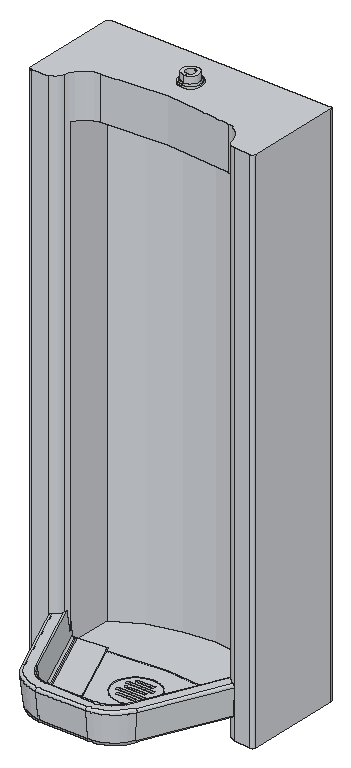
Revit family "PLBG_Urinal_Floor Mounted", category Plumbing Fixtures, Revit 2024
Family settings
  Round Connector Dimension = Use Diameter
  Part Type = Normal
  OmniClass Number = 23.45.05.21.11.21
  OmniClass Title = Urinals
  Work Plane-Based = No
  Enable Cutting in Views = No
  Always vertical = Yes
  Cut with Voids When Loaded = No
  Maintain Annotation Orientation = No
  Shared = No
  Room Calculation Point = No
Parameters (values of type "Urinal - Floor Mounted")
  Plan Shadow Mode = yes
  EA_Repath [instance] = 0 mm
  Default Elevation = 0 mm
  Default Porcelain [instance] = none
  Default Chrome [instance] = none
Reference planes
  plane 1 "Center (Front/Back)": y = 0
  plane 2: z = 0
  plane 3 "Center (Left/Right)": x = 0
Forms (mm)
  Extrusion 1, solid, material <- "Default Porcelain", visible <- "Plan Shadow Mode"
    sketch origin (0, 0, 0) x (1, 0, 0) y (0, 1, 0)
      loop
        line (-228.6, -6.35) -> (-228.6, -196.31)
        arc (-228.6, -196.31) -> (-226.558, -200.976) -> (-221.744, -202.64) r 6.35
        line (-221.744, -202.64) -> (-188.949, -199.962)
        arc (-188.949, -199.962) -> (-177.87, -195.236) -> (-171.84, -184.809) r 19.05
        arc (-171.84, -184.809) -> (-157.266, -158.394) -> (-130.281, -144.901) r 50.8
        arc (-130.281, -144.901) -> (-0.11, -134.24) -> (130.087, -144.565) r 812.8
        arc (130.087, -144.565) -> (157.239, -158.114) -> (171.822, -184.724) r 50.8
        arc (171.822, -184.724) -> (177.837, -195.207) -> (188.949, -199.962) r 19.05
        line (188.949, -199.962) -> (221.731, -202.639)
        arc (221.731, -202.639) -> (226.553, -200.98) -> (228.6, -196.31) r 6.35
        line (228.6, -196.31) -> (228.6, -6.35)
        arc (228.6, -6.35) -> (226.74, -1.86) -> (222.25, 0) r 6.35
        line (222.25, 0) -> (-222.25, 0)
        arc (-222.25, 0) -> (-226.74, -1.86) -> (-228.6, -6.35) r 6.35
    from 0 to 1079.5
  Extrusion 2, void
    sketch origin (0, 0, 0) x (1, 0, 0) y (0, 1, 0)
      loop
        line (-178.648, -66.796) -> (-178.648, -167.901) -> (-166.377, -173.787)
        arc (-166.377, -173.787) -> (-151.06, -155.617) -> (-129.156, -146.401) r 50.8
        arc (-129.156, -146.401) -> (-3.31, -135.828) -> (122.644, -145.017) r 806.979
        arc (122.644, -145.017) -> (148.645, -152.712) -> (166.225, -173.358) r 47.598
        line (166.225, -173.358) -> (178.648, -166.186) -> (178.648, -66.796)
        arc (178.648, -66.796) -> (0, -12.7) -> (-178.648, -66.796) r 322.033
    from 31.426 to 990.6
  Sweep 3, solid, material <- "Default Porcelain", visible <- "Plan Shadow Mode"
    path origin (0, 0, 0) x (1, 0, 0) y (0, 1, 0)
      loop
        line (-199.368, -176.516) -> (-117.882, -359.216)
        arc (-117.882, -359.216) -> (-90.782, -392.223) -> (-50.496, -406.4) r 79.344
        line (-50.496, -406.4) -> (50.496, -406.4)
        arc (50.496, -406.4) -> (90.784, -392.221) -> (117.884, -359.211) r 79.344
        line (117.884, -359.211) -> (197.231, -179.061)
    profile origin (0, -406.4, 0) x (0, 1, 0) y (0, 0, 1)
      loop
        line (10.689, 37.087) -> (36.97, 30.575) -> (36.97, 44.024) -> (34.372, 44.926)
        arc (34.372, 44.926) -> (31.693, 46.934) -> (30.674, 50.123) r 5.502
        line (30.674, 50.123) -> (25.748, 99.39)
        arc (25.748, 99.39) -> (24.792, 100.976) -> (23.048, 101.599) r 2.754
        line (23.048, 101.599) -> (5.147, 101.599)
        arc (5.147, 101.599) -> (1.695, 99.993) -> (0.523, 96.37) r 4.763
        line (0.523, 96.37) -> (5.898, 42.618)
        arc (5.898, 42.618) -> (7.417, 39.093) -> (10.689, 37.087) r 6.35
  Sweep 4, solid, visible <- "Plan Shadow Mode"
    path origin (0, 0, 0) x (1, 0, 0) y (0, 1, 0)
      loop
        line (-162.025, -150.812) -> (-84.542, -324.842)
        arc (-84.542, -324.842) -> (-71.554, -341.769) -> (-52.297, -350.954) r 45.697
        arc (-52.297, -350.954) -> (-30.315, -354.435) -> (-8.09, -355.6) r 212.622
        line (-8.09, -355.6) -> (8.085, -355.6)
        arc (8.085, -355.6) -> (30.232, -354.371) -> (52.107, -350.698) r 200.117
        arc (52.107, -350.698) -> (71.292, -341.492) -> (84.542, -324.842) r 47.561
        line (84.542, -324.842) -> (162.025, -150.812)
    profile origin (-0.002, -355.6, 0) x (0, 1, 0) y (0, 0, 1)
      loop
        line (-17.265, 31.426) -> (43.28, 17.448) -> (43.28, 30.81) -> (-17.265, 44.788) -> (-17.265, 31.426)
  Extrusion 5, solid
    sketch origin (0, 0, 0) x (1, 0, 0) y (0, 1, 0)
      loop
        arc (-45.003, -307.239) -> (-44.317, -308.134) -> (-43.298, -308.619) r 2.416
        arc (-43.298, -308.619) -> (-25.791, -311.392) -> (-8.09, -312.32) r 169.341
        line (-8.09, -312.32) -> (8.085, -312.32)
        arc (8.085, -312.32) -> (25.443, -311.356) -> (42.586, -308.478) r 156.837
        arc (42.586, -308.478) -> (44.204, -307.734) -> (45.378, -306.396) r 4.281
        line (45.378, -306.396) -> (118.239, -142.748)
        arc (118.239, -142.748) -> (0.048, -134.24) -> (-118.124, -143.007) r 812.8
        line (-118.124, -143.007) -> (-45.003, -307.239)
    from 17.462 to 31.75
  Extrusion 6, solid, material <- "Default Porcelain"
    sketch origin (0, 0, 0) x (1, 0, 0) y (0, 1, 0)
      loop
        arc (118.239, -142.748) -> (0.048, -134.24) -> (-118.124, -143.007) r 812.8
        line (-118.124, -143.007) -> (-45.003, -307.239)
        arc (-45.003, -307.239) -> (-44.317, -308.134) -> (-43.298, -308.619) r 2.416
        arc (-43.298, -308.619) -> (-25.791, -311.392) -> (-8.09, -312.32) r 169.341
        line (-8.09, -312.32) -> (8.085, -312.32)
        arc (8.085, -312.32) -> (25.443, -311.356) -> (42.586, -308.478) r 156.837
        arc (42.586, -308.478) -> (44.204, -307.734) -> (45.378, -306.396) r 4.281
        line (45.378, -306.396) -> (118.239, -142.748)
    from 0 to 17.448
  Extrusion 7, void
    sketch origin (0, 0, 0) x (1, 0, 0) y (0, 1, 0)
      loop
        circle (0, -215.9) r 44.45
    from 0 to 50.123
  Extrusion 8, solid, material <- "Default Porcelain"
    sketch origin (0, 0, 31.75) x (1, 0, 0) y (0, 1, 0)
      loop
        circle (0, -215.9) r 44.45
      loop
        line (-19.05, -219.075) -> (0, -219.075) -> (19.05, -219.075)
        arc (19.05, -219.075) -> (22.225, -215.9) -> (19.05, -212.725) r 3.175
        line (19.05, -212.725) -> (0, -212.725) -> (-19.05, -212.725)
        arc (-19.05, -212.725) -> (-22.225, -215.9) -> (-19.05, -219.075) r 3.175
      loop
        line (-25.4, -206.375) -> (0, -206.375) -> (25.4, -206.375)
        arc (25.4, -206.375) -> (28.575, -203.2) -> (25.4, -200.025) r 3.175
        line (25.4, -200.025) -> (0, -200.025) -> (-25.4, -200.025)
        arc (-25.4, -200.025) -> (-28.575, -203.2) -> (-25.4, -206.375) r 3.175
      loop
        line (-15.912, -193.675) -> (0, -193.675) -> (15.912, -193.675)
        arc (15.912, -193.675) -> (19.087, -190.5) -> (15.912, -187.325) r 3.175
        line (15.912, -187.325) -> (0, -187.325) -> (-15.912, -187.325)
        arc (-15.912, -187.325) -> (-19.087, -190.5) -> (-15.912, -193.675) r 3.175
      loop
        arc (-25.4, -225.425) -> (-28.575, -228.6) -> (-25.4, -231.775) r 3.175
        line (-25.4, -231.775) -> (0, -231.775) -> (25.4, -231.775)
        arc (25.4, -231.775) -> (28.575, -228.6) -> (25.4, -225.425) r 3.175
        line (25.4, -225.425) -> (0, -225.425) -> (-25.4, -225.425)
      loop
        arc (-15.912, -238.125) -> (-19.087, -241.3) -> (-15.912, -244.475) r 3.175
        line (-15.912, -244.475) -> (0, -244.475) -> (15.912, -244.475)
        arc (15.912, -244.475) -> (19.087, -241.3) -> (15.912, -238.125) r 3.175
        line (15.912, -238.125) -> (0, -238.125) -> (-15.912, -238.125)
    from -3.175 to 0
  Revolve 9, solid, material <- "Default Chrome"
    sketch origin (0, 0, 0) x (0, 1, 0) y (0, 0, 1)
      loop
        line (-85.789, 1098.55) -> (-92.932, 1098.55) -> (-92.932, 1085.85) -> (-95.25, 1085.85) -> (-95.25, 1082.675) -> (-98.425, 1082.675) -> (-98.425, 1079.5) -> (-85.789, 1079.5) -> (-85.789, 1098.55)
      axis (-76.2, 1079.5) -> (-76.2, 1098.55)
    angle from 0 to 360
Cuts and joins
  Extrusion 2 cuts Extrusion 1
  Extrusion 7 cuts Extrusion 5
  Extrusion 7 cuts Extrusion 6
Lines and regions (mm)
  Masking region 1
    outline origin (0, 0, 0) x (1, 0, 0) y (0, 1, 0)
      loop
        line (222.25, 0) -> (-222.25, 0)
        arc (-222.25, 0) -> (-226.74, -1.86) -> (-228.6, -6.35) r 6.35
        line (-228.6, -6.35) -> (-228.6, -196.31)
        arc (-228.6, -196.31) -> (-226.558, -200.976) -> (-221.744, -202.64) r 6.35
        line (-221.744, -202.64) -> (-188.949, -199.962)
        arc (-188.949, -199.962) -> (-186.33, -199.563) -> (-183.791, -198.804) r 19.05
        line (-183.791, -198.804) -> (-113.177, -357.13)
        arc (-113.177, -357.13) -> (-87.902, -387.956) -> (-50.323, -401.253) r 74.196
        line (-50.323, -401.253) -> (50.323, -401.253)
        arc (50.323, -401.253) -> (87.9, -387.957) -> (113.174, -357.136) r 74.196
        line (113.174, -357.136) -> (183.043, -198.505)
        arc (183.043, -198.505) -> (185.938, -199.471) -> (188.949, -199.962) r 19.05
        line (188.949, -199.962) -> (221.731, -202.639)
        arc (221.731, -202.639) -> (226.553, -200.98) -> (228.6, -196.31) r 6.35
        line (228.6, -196.31) -> (228.6, -6.35)
        arc (228.6, -6.35) -> (226.74, -1.86) -> (222.25, 0) r 6.35
  Masking region 2
    outline origin (0, 0, 0) x (1, 0, 0) y (0, 0, 1)
      loop
        arc (-215.9, 1079.5) -> (-224.88, 1075.78) -> (-228.6, 1066.8) r 12.7
        line (-228.6, 1066.8) -> (-228.6, 12.7)
        arc (-228.6, 12.7) -> (-224.88, 3.72) -> (-215.9, 0) r 12.7
        line (-215.9, 0) -> (215.9, 0)
        arc (215.9, 0) -> (224.88, 3.72) -> (228.6, 12.7) r 12.7
        line (228.6, 12.7) -> (228.6, 1066.8)
        arc (228.6, 1066.8) -> (224.88, 1075.78) -> (215.9, 1079.5) r 12.7
        line (215.9, 1079.5) -> (-215.9, 1079.5)
  symbolic lines
    curve 1: line (222.25, 0, 0) -> (-222.25, 0, 0)
    curve 2: line (-228.6, -6.35, 0) -> (-228.6, -196.31, 0)
    curve 3: arc (-222.25, 0, 0) -> (-226.74, -1.86, 0) -> (-228.6, -6.35, 0) r 6.35
    curve 4: arc (-228.6, -196.31, 0) -> (-226.558, -200.976, 0) -> (-221.744, -202.64, 0) r 6.35
    curve 5: line (-221.744, -202.64, 0) -> (-188.949, -199.962, 0)
    curve 6: arc (-188.949, -199.962, 0) -> (-177.87, -195.236, 0) -> (-171.84, -184.809, 0) r 19.05
    curve 7: arc (-171.84, -184.809, 0) -> (-157.266, -158.394, 0) -> (-130.281, -144.901, 0) r 50.8
    curve 8: arc (-130.281, -144.901, 0) -> (-0.11, -134.24, 0) -> (130.087, -144.565, 0) r 812.8
    curve 9: arc (130.087, -144.565, 0) -> (157.239, -158.114, 0) -> (171.822, -184.724, 0) r 50.8
    curve 10: arc (171.822, -184.724, 0) -> (177.837, -195.207, 0) -> (188.949, -199.962, 0) r 19.05
    curve 11: line (188.949, -199.962, 0) -> (221.731, -202.639, 0)
    curve 12: arc (221.731, -202.639, 0) -> (226.553, -200.98, 0) -> (228.6, -196.31, 0) r 6.35
    curve 13: line (228.6, -196.31, 0) -> (228.6, -6.35, 0)
    curve 14: arc (228.6, -6.35, 0) -> (226.74, -1.86, 0) -> (222.25, 0, 0) r 6.35
    curve 15: arc (0, -53.975, 0) -> (22.225, -76.2, 0) -> (0, -98.425, 0) r 22.225
    curve 16: arc (0, -98.425, 0) -> (-22.225, -76.2, 0) -> (0, -53.975, 0) r 22.225
    curve 17: arc (0, -66.612, 0) -> (9.589, -76.2, 0) -> (0, -85.789, 0) r 9.588
    curve 18: arc (0, -85.789, 0) -> (-9.588, -76.2, 0) -> (0, -66.612, 0) r 9.588
    curve 19: arc (-50.323, -401.253, 0) -> (-87.902, -387.956, 0) -> (-113.177, -357.13, 0) r 74.196
    curve 20: line (-113.177, -357.13, 0) -> (-183.791, -198.804, 0)
    curve 21: line (50.323, -401.253, 0) -> (-50.323, -401.253, 0)
    curve 22: arc (113.174, -357.136, 0) -> (87.9, -387.957, 0) -> (50.323, -401.253, 0) r 74.196
    curve 23: line (113.174, -357.136, 0) -> (183.043, -198.505, 0)
    curve 24: line (167.115, -171.338, 0) -> (89.812, -346.846, 0)
    curve 25: arc (89.812, -346.846, 0) -> (73.552, -366.839, 0) -> (49.362, -375.726, 0) r 48.669
    curve 26: line (49.362, -375.726, 0) -> (-49.362, -375.726, 0)
    curve 27: arc (-49.362, -375.726, 0) -> (-73.575, -366.822, 0) -> (-89.836, -346.793, 0) r 48.669
    curve 28: line (-89.836, -346.793, 0) -> (-167.589, -172.462, 0)
    curve 29: arc (-44.45, -215.9, 0) -> (0, -260.35, 0) -> (44.45, -215.9, 0) r 44.45
    curve 30: arc (44.45, -215.9, 0) -> (0, -171.45, 0) -> (-44.45, -215.9, 0) r 44.45
    curve 31: line (0, -244.475, 0) -> (-15.912, -244.475, 0)
    curve 32: line (15.912, -244.475, 0) -> (0, -244.475, 0)
    curve 33: line (0, -238.125, 0) -> (15.912, -238.125, 0)
    curve 34: line (-15.912, -238.125, 0) -> (0, -238.125, 0)
    curve 35: arc (-15.912, -244.475, 0) -> (-19.087, -241.3, 0) -> (-15.912, -238.125, 0) r 3.175
    curve 36: arc (15.912, -238.125, 0) -> (19.087, -241.3, 0) -> (15.912, -244.475, 0) r 3.175
    curve 37: line (0, -212.725, 0) -> (19.05, -212.725, 0)
    curve 38: line (-19.05, -212.725, 0) -> (0, -212.725, 0)
    curve 39: line (0, -219.075, 0) -> (-19.05, -219.075, 0)
    curve 40: line (19.05, -219.075, 0) -> (0, -219.075, 0)
    curve 41: arc (19.05, -212.725, 0) -> (22.225, -215.9, 0) -> (19.05, -219.075, 0) r 3.175
    curve 42: arc (-19.05, -219.075, 0) -> (-22.225, -215.9, 0) -> (-19.05, -212.725, 0) r 3.175
    curve 43: arc (-15.912, -193.675, 0) -> (-19.087, -190.5, 0) -> (-15.912, -187.325, 0) r 3.175
    curve 44: line (-15.912, -187.325, 0) -> (0, -187.325, 0)
    curve 45: line (0, -193.675, 0) -> (-15.912, -193.675, 0)
    curve 46: line (15.912, -193.675, 0) -> (0, -193.675, 0)
    curve 47: line (0, -187.325, 0) -> (15.912, -187.325, 0)
    curve 48: arc (15.912, -187.325, 0) -> (19.087, -190.5, 0) -> (15.912, -193.675, 0) r 3.175
    curve 50: line (-178.648, 0, 977.9) -> (-178.648, 0, 101.599)
    curve 51: line (-185.455, 0, 101.599) -> (183.316, 0, 101.599)
    curve 52: line (178.648, 0, 977.9) -> (178.648, 0, 101.599)
    curve 53: arc (-178.648, 0, 977.9) -> (-174.928, 0, 986.88) -> (-165.948, 0, 990.6) r 12.7
    curve 54: arc (165.948, 0, 990.6) -> (174.928, 0, 986.88) -> (178.648, 0, 977.9) r 12.7
    curve 55: line (-194.135, 0, 44.302) -> (-198.103, 0, 87.744)
    curve 56: line (195.963, 0, 87.741) -> (191.937, 0, 43.745)
    curve 57: line (-122.487, 0, 17.448) -> (-184.599, 0, 33.145)
    curve 58: line (182.401, 0, 32.589) -> (122.487, 0, 17.448)
    curve 59: line (-118.124, 0, 17.448) -> (-118.124, 0, 0)
    curve 60: line (118.239, 0, 0) -> (118.239, 0, 17.448)
    curve 61: arc (-198.103, 0, 87.744) -> (-194.835, 0, 97.461) -> (-185.455, 0, 101.599) r 12.7
    curve 62: arc (183.316, 0, 101.599) -> (192.697, 0, 97.46) -> (195.963, 0, 87.741) r 12.7
    curve 63: arc (182.401, 0, 32.589) -> (188.943, 0, 36.65) -> (191.937, 0, 43.745) r 12.7
    curve 64: arc (-194.135, 0, 44.302) -> (-191.142, 0, 37.207) -> (-184.599, 0, 33.145) r 12.7
    curve 65: line (-122.487, 0, 17.448) -> (122.487, 0, 17.448)
  symbolic lines, style "PlumbingFixtures"
    curve 49: line (-165.948, 0, 990.6) -> (165.948, 0, 990.6)
